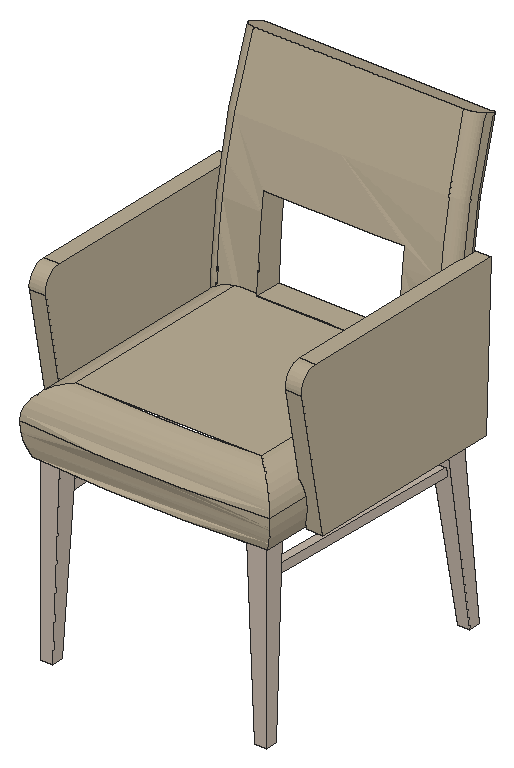
Revit family "Furniture_Chair_PALM BEACH 5.0 NS-WCO-S", category Furniture, Revit 2020
Family settings
  OmniClass Number = 23.21.23.15.17
  Work Plane-Based = Yes
  Always vertical = No
  Cut with Voids When Loaded = No
  Shared = No
  Room Calculation Point = No
Parameters (values of type "PALM BEACH 5.0 NS-WCO-S")
  Youtube clip = ""
  Uniformat II Description = "Movable Furnishings"
  Uniformat II Code = ""
  Uniclass 2015 Name = ""
  Uniclass 2015 Code = ""
  Uniclass 2.0 Description = ""
  Uniclass 2.0 Code = ""
  Uniclass 1.4 Description = ""
  Uniclass 1.4 Code = ""
  UNSPSC Code = ""
  Technical description = ""
  Shell Material = Wood - Beech - 1019 Grey Beige
  Frame Material = Fabric - Gravity - Wheat CPC21
  Region South America = "All"
  Region Oceania = "All"
  Region North America = "All"
  Region Middle East = "All"
  Region Europe = "All"
  Region Asia = "All"
  Region Antarctica = "All"
  Region Africa = "All"
  QR code = "https://www.sandlerseating.com/product/palm-beach-5-0-ns-wco-s/"
  Product url = "https://www.sandlerseating.com/product/palm-beach-5-0-ns-wco-s/"
  Product name = "PALM BEACH 5.0 NS-WCO-S"
  Product group = "Chair"
  Product family = "Furniture"
  Product data url = "https://www.sandlerseating.com/product/palm-beach-5-0-ns-wco-s/"
  Product certification = ""
  Product SKU = "??"
  Product Guid = "??"
  OmniClass Description = ""
  OmniClass Code = "23-21 23 15 17"
  NBS Reference Description = ""
  NBS Reference Code = ""
  Model = "PALM BEACH 5.0 NS-WCO-S"
  Masterformat 2014 Description = "Chair Mats"
  Masterformat 2014 Code = "12 48 43.13"
  Manufacturer name = "Sandler"
  Manufacturer country = "USA"
  Manufacturer = "Sandler"
  Installation instructions = ""
  IFC Classification = "Furnishing Element"
  GTIN code = ""
  Edition number = 1
  Design country = "Brasil"
  Description = "Chair"
  Default Elevation = 0.000 mm
  Date of publishing = ""
  COBIe Type Category = ""
  Brand url = "https://www.sandlerseating.com/"
  BIMobject main category code = "furniture"
  BIMobject main category = "Furniture"
  BIMobject category code = "furniture-chair"
  BIMobject category = "Chair"
Reference planes
  plane 1 "Center Front/Back": y = 0
  plane 2: z = 0
  plane 3 "Center Left/Right": x = 0
Forms (mm)
  Extrusion 1, solid, material "Wood - Beech - 1019 Grey Beige" <- "Shell Material"
    sketch origin (0.021, -16.85, 840) x (-1, 0, 0) y (0, -1, 0)
      loop
        line (248.589, -218.746) -> (248.589, 242.183)
        arc (248.589, 242.183) -> (0.023, 254.709) -> (-248.589, 243.132) r 2569.886
        line (-248.589, 243.132) -> (-248.589, -218.746) -> (248.589, -218.746)
    from -479.2 to -350.103
  Sweep 2, void
    path in 3D
      loop
        line (248.61, 270.017, 489.897) -> (248.61, -259.983, 489.897)
        arc (248.61, -259.983, 489.897) -> (-0.002, -271.56, 489.897) -> (-248.569, -259.034, 489.897) r 2569.886
        line (-248.569, -259.034, 489.897) -> (-248.569, 270.017, 489.897)
    profile origin (-0.002, -271.56, 489.897) x (-0.001909, -0.999998, 0) y (0, 0, 1)
      loop
        arc (-64.548, 0) -> (-18.906, -18.906) -> (0, -64.548) r 64.548
        arc (0, -64.548) -> (-3.774, -97.671) -> (-14.902, -129.096) r 147.246
        line (-14.902, -129.096) -> (25.452, -129.096) -> (25.452, 0) -> (-64.548, 0)
  Blend 3, solid, material "Fabric - Gravity - Wheat CPC21" <- "Frame Material"
    base sketch origin (11.479, -4.082, 840) x (-1, 0, 0) y (0, -1, 0)
      loop
        line (235.546, 195.254) -> (235.546, 234.079) -> (197.379, 234.079) -> (197.379, 195.254) -> (235.546, 195.254)
    top sketch origin (11.479, -4.082, 840) x (-1, 0, 0) y (0, -1, 0)
      loop
        line (212.008, 210.203) -> (235.546, 210.203) -> (235.546, 234.079) -> (212.008, 234.079) -> (212.008, 210.203)
    from -479.2 to -840
  Blend 4, solid, material "Fabric - Gravity - Wheat CPC21" <- "Frame Material"
    base sketch origin (-11.438, -4.082, 840) x (1, 0, 0) y (0, 1, 0)
      loop
        line (235.546, -195.254) -> (197.379, -195.254) -> (197.379, -234.079) -> (235.546, -234.079) -> (235.546, -195.254)
    top sketch origin (-11.438, -4.082, 840) x (1, 0, 0) y (0, 1, 0)
      loop
        line (212.008, -210.203) -> (212.008, -234.079) -> (235.546, -234.079) -> (235.546, -210.203) -> (212.008, -210.203)
    from -479.2 to -840
  Blend 5, solid, material "Fabric - Gravity - Wheat CPC21" <- "Frame Material"
    base sketch origin (0.021, -16.85, 840) x (-1, 0, 0) y (0, -1, 0)
      loop
        line (197.378, -213.052) -> (197.378, -251.878) -> (235.545, -251.878) -> (235.545, -213.052) -> (197.378, -213.052)
    top sketch origin (0.021, -16.85, 840) x (-1, 0, 0) y (0, -1, 0)
      loop
        line (235.545, -291.791) -> (235.545, -268.262) -> (211.722, -268.262) -> (211.722, -291.791) -> (235.545, -291.791)
    from -478.581 to -840
  Blend 6, solid, material "Fabric - Gravity - Wheat CPC21" <- "Frame Material"
    base sketch origin (0.021, -16.85, 840) x (1, 0, 0) y (0, 1, 0)
      loop
        line (197.378, 213.052) -> (235.545, 213.052) -> (235.545, 251.878) -> (197.378, 251.878) -> (197.378, 213.052)
    top sketch origin (0.021, -16.85, 840) x (1, 0, 0) y (0, 1, 0)
      loop
        line (235.545, 291.791) -> (211.722, 291.791) -> (211.722, 268.262) -> (235.545, 268.262) -> (235.545, 291.791)
    from -478.581 to -840
  Extrusion 7, void
    sketch origin (0.021, -16.85, 0) x (0, 1, 0) y (0, 0, 1)
      loop
        line (185.776, 360.8) -> (185.776, 345.8) -> (275.776, 345.8) -> (275.776, 360.8) -> (185.776, 360.8)
    from -259.065 to 259.553
  Blend 8, solid, material "Fabric - Gravity - Wheat CPC21" <- "Frame Material"
    base sketch origin (0.021, -16.85, 0) x (1, 0, 0) y (0, 0, 1)
      loop
        line (226.684, 305.778) -> (208.968, 305.778) -> (208.968, 288.541) -> (226.684, 288.541) -> (226.684, 305.778)
    top sketch origin (0.021, -16.85, 0) x (1, 0, 0) y (0, 0, 1)
      loop
        line (215.486, 305.778) -> (197.771, 305.778) -> (197.771, 288.541) -> (215.486, 288.541) -> (215.486, 305.778)
    from -239.717 to 206.017
  Blend 9, solid, material "Fabric - Gravity - Wheat CPC21" <- "Frame Material"
    base sketch origin (0.021, -16.85, 0) x (-1, 0, 0) y (0, 0, -1)
      loop
        line (226.684, -305.778) -> (226.684, -288.541) -> (208.968, -288.541) -> (208.968, -305.778) -> (226.684, -305.778)
    top sketch origin (0.021, -16.85, 0) x (-1, 0, 0) y (0, 0, -1)
      loop
        line (215.486, -305.778) -> (215.486, -288.541) -> (197.771, -288.541) -> (197.771, -305.778) -> (215.486, -305.778)
    from -239.717 to 206.017
  Extrusion 10, solid, material "Wood - Beech - 1019 Grey Beige" <- "Shell Material"
    sketch origin (0.021, -16.85, 0) x (0, -1, 0) y (0, 0, 1)
      loop
        arc (-275.179, 672.334) -> (-261.353, 516.869) -> (-263.091, 360.8) r 1563.942
        line (-263.091, 360.8) -> (141.817, 360.8) -> (194.272, 630.656)
        arc (194.272, 630.656) -> (186.922, 659.597) -> (159.915, 672.334) r 35
        line (159.915, 672.334) -> (-275.179, 672.334)
    from 235.545 to 267.606
  Extrusion 11, solid, material "Wood - Beech - 1019 Grey Beige" <- "Shell Material"
    sketch origin (5.02, -16.85, -0.028) x (0, -1, 0) y (0, 0, -1)
      loop
        line (-275.179, -672.334) -> (159.915, -672.334)
        arc (159.915, -672.334) -> (186.922, -659.597) -> (194.272, -630.656) r 35
        line (194.272, -630.656) -> (141.817, -360.8) -> (-263.091, -360.8)
        arc (-263.091, -360.8) -> (-261.353, -516.869) -> (-275.179, -672.334) r 1563.942
    from 235.545 to 267.606
  SweptBlend 12, solid, material "Wood - Beech - 1019 Grey Beige" <- "Shell Material"
    path origin (0.021, -16.85, 0) x (0, 1, 0) y (0, 0, 1)
      loop
        arc (318.429, 896.679) -> (247.467, 629.178) -> (238.058, 352.583) r 1230.984
    profile origin (0.021, 301.579, 896.679) x (0, 0.931619, -0.363437) y (1, 0, 0)
      loop
        line (20.402, -222.125) -> (20.402, 225.373)
        arc (20.402, 225.373) -> (17.474, 232.444) -> (10.402, 235.373) r 10
        line (10.402, 235.373) -> (-9.598, 235.373)
        arc (-9.598, 235.373) -> (-27.275, 228.05) -> (-34.598, 210.373) r 25
        line (-34.598, 210.373) -> (-34.598, -207.125)
        arc (-34.598, -207.125) -> (-27.275, -224.803) -> (-9.598, -232.125) r 25
        line (-9.598, -232.125) -> (10.402, -232.125)
        arc (10.402, -232.125) -> (17.474, -229.196) -> (20.402, -222.125) r 10
    end profile origin (0.021, 221.207, 352.583) x (0, 0.996909, 0.078564) y (1, 0, 0)
      loop
        line (25.645, -235.139) -> (25.645, 237.901)
        arc (25.645, 237.901) -> (22.717, 244.972) -> (15.645, 247.901) r 10
        line (15.645, 247.901) -> (-1.894, 247.901)
        arc (-1.894, 247.901) -> (-19.572, 240.579) -> (-26.894, 222.901) r 25
        line (-26.894, 222.901) -> (-26.894, -220.139)
        arc (-26.894, -220.139) -> (-19.572, -237.816) -> (-1.894, -245.139) r 25
        line (-1.894, -245.139) -> (15.645, -245.139)
        arc (15.645, -245.139) -> (22.717, -242.21) -> (25.645, -235.139) r 10
  Extrusion 13, void
    sketch origin (0.021, -16.85, 0) x (1, 0, 0) y (0, 0, 1)
      loop
        line (144.041, 489.897) -> (144.041, 669.897) -> (-135.959, 669.897) -> (-135.959, 489.897) -> (144.041, 489.897)
    from -344.885 to -128.056
Cuts and joins
  Sweep 2, Extrusion 13 cuts Extrusion 1
  Extrusion 7, Extrusion 13 cuts SweptBlend 12
Lines and regions (mm)
  sketch lines
    curve 1: arc (248.61, -259.983, 489.897) -> (-0.002, -271.56, 489.897) -> (-248.569, -259.034, 489.897) r 2569.886
    curve 2: line (248.61, -259.983, 489.897) -> (248.61, 270.017, 489.897)
    curve 3: line (-248.569, 270.017, 489.897) -> (-248.569, -259.034, 489.897)
Dimensions and locks
  aligned and locked: level to plane 2
